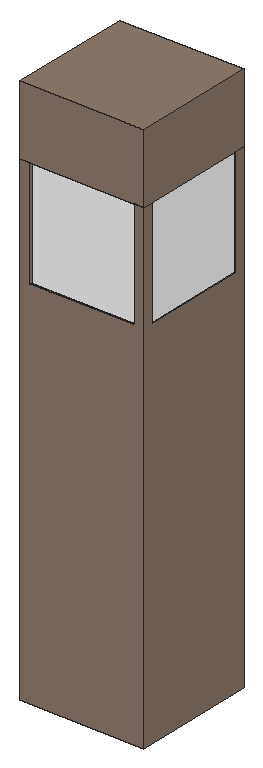
Revit family "BL6221", category Generic Models, Revit 2014
Parameters
  TOP CAP = Bronze, Architectural
  LENS = Acrylic
  BODY = Bronze, Architectural
Reference planes (in)
  plane 1 "Center (Front/Back)": y = 0
  plane 2: z = 0
  plane 3 "Center (Left/Right)": x = 0
  plane 4: y = 4
  plane 5: y = -4
Forms (in)
  Extrusion 1, solid, material "Bronze, Architectural" <- "TOP CAP"
    sketch origin (0, 0, 0) x (1, 0, 0) y (0, 0, 1)
      loop
        line (4, 31.50947) -> (4, 35.99903) -> (-4, 35.99903) -> (-4, 31.50947) -> (4, 31.50947)
    from -4 to 4
  Extrusion 2, solid, material "Bronze, Architectural" <- "BODY"
    sketch origin (0, 0, 0) x (1, 0, 0) y (0, 0, 1)
      loop
        line (-4, 31.50947) -> (-4, 0.24903) -> (4, 0.24903) -> (4, 31.50947) -> (-4, 31.50947)
    from -4 to 4
  Extrusion 3, void
    sketch origin (0, 0, 0) x (1, 0, 0) y (0, 0, 1)
      loop
        line (-3.875, 31.50947) -> (-3.875, 24.37311) -> (3.875, 24.37311) -> (3.875, 31.50947) -> (-3.875, 31.50947)
    from -3.875 to 3.875
  Extrusion 4, void
    sketch origin (0, 0, 0) x (1, 0, 0) y (0, 0, 1)
      loop
        line (3.375, 31.50947) -> (-3.375, 31.50947) -> (-3.375, 24.50946) -> (3.375, 24.50946) -> (3.375, 31.50947)
    from 3.8125 to 4
  Extrusion 5, void
    sketch origin (0, 0, 0) x (0, -1, 0) y (0, 0, 1)
      loop
        line (3.375, 31.50947) -> (-3.375, 31.50947) -> (-3.375, 24.50946) -> (3.375, 24.50946) -> (3.375, 31.50947)
    from 3.812 to 4
  Extrusion 6, void
    sketch origin (0, 0, 0) x (0, 1, 0) y (0, 0, 1)
      loop
        line (3.375, 31.50947) -> (-3.375, 31.50947) -> (-3.375, 24.50946) -> (3.375, 24.50946) -> (3.375, 31.50947)
    from 3.8125 to 4
  Extrusion 7, void
    sketch origin (0, 0, 0) x (-1, 0, 0) y (0, 0, 1)
      loop
        line (3.375, 31.50947) -> (-3.375, 31.50947) -> (-3.375, 24.50946) -> (3.375, 24.50946) -> (3.375, 31.50947)
    from 3.8125 to 4
  Extrusion 8, solid, material "Acrylic" <- "LENS"
    sketch origin (0, 0, 0) x (1, 0, 0) y (0, 1, 0)
      loop
        line (-3.875, 3.875) -> (-3.875, -3.875) -> (3.875, -3.875) -> (3.875, 3.875) -> (-3.875, 3.875)
    from 24.37311 to 32.00946
Cuts and joins
  Extrusion 3, Extrusion 4, Extrusion 5, Extrusion 6, Extrusion 7 cuts Extrusion 1
  Extrusion 3, Extrusion 4, Extrusion 5, Extrusion 6, Extrusion 7 cuts Extrusion 2
Dimensions and locks (in)
  aligned and locked: plane 2 to level
